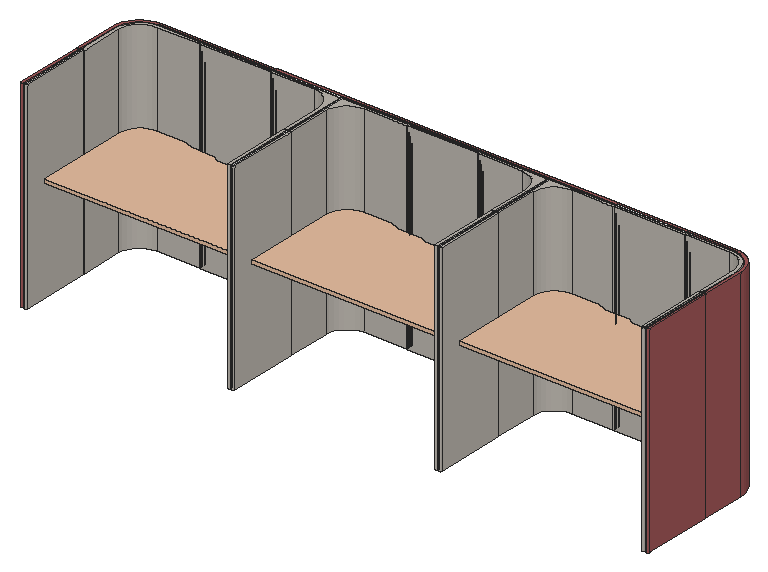
Revit family "NBS_Senator_MeetingPods_EnclaveThree", category Furniture, Revit 2018
Family settings
  Work Plane-Based = No
  Always vertical = Yes
  Cut with Voids When Loaded = No
  Shared = No
  Room Calculation Point = No
Parameters (values of type "PDEN314")
  WarrantyStartDate [instance] = "1900-12-31T23:59:59"
  WarrantyGuarantorParts = "contactus@thesenatorgroup.com"
  WarrantyGuarantorLabor = "n/a"
  WarrantyDurationUnit = "year"
  WarrantyDurationParts = "10"
  WarrantyDurationLabor = "n/a"
  WarrantyDescription = "Senator warrants that its manufactured products are free from manufacturing defects - in materials or workmanship - for a period of ten (10) years on Senator Seating ranges; and fifteen (15) years on Senator Desking ranges - exceptions are listed below. Senator will repair or replace (at Senator’s sole discretion) with comparable free of charge materials / components, any product / component, which fails under normal use in a single shift environment, as a result of a defect in the materials and / or workmanship"
  Version = "1"  # constant formula
  Uniclass2015Version = "Products v1.16"
  Uniclass2015Title = "Meeting Pods"
  Uniclass2015Code = "Pr_40_50_12_53"
  TagNumber [instance] = "n/a"
  SustainabilityPerformance = "99% recyclable"
  Style = "Pods"
  Status = "UNSET"
  Size = "1000 x 4400 x 1400 mm"
  Shape = "n/a"
  SerialNumber [instance] = "n/a"
  SeatWidth = "n/a"
  SeatDepth = "n/a"
  Revision = "n/a"
  ReplacementCost = "n/a"
  Reference = "n/a"
  ProductInformation = "http://www.thesenatorgroup.com/uk/senator/"
  NominalWidth = 4400 mm
  NominalLength = 4400 mm
  NominalHeight = 1400 mm
  NominalDepth = 1000 mm
  Name = "MeetingPods_EnclaveThree_PDEN314_Senator"
  NBSReference = "45-35-20/342"
  NBSDescription = "Meeting pods"
  NBSCertification = "www.nationalbimlibrary.com/cert/tsvceaqk"
  ModelReference = "Pods-EnclaveThree_PDEN314"
  ModelNumber = "n/a"
  Material = "Fabric, metal, plastic"
  ManufacturerURL = "www.senator.co.uk"
  ManufacturerName = "The Senator Group"  # constant formula
  Manufacturer = "sales@senator.co.uk"
  MainColor = "n/a"
  IsBuiltIn = no
  InstallationDate [instance] = "1900-12-31T23:59:59"
  IfcExportType = "USERDEFINED"  # constant formula
  IfcExportAs = "IfcFurnitureType"  # constant formula
  Grade = "n/a"
  FramesColour = "Black, white"
  FrameMaterial = NBS_Senator_Aluminium_Rigid_Siver
  InnerPanelMaterial = NBS_Senator_VirginWool_Fairfield
  OuterPanelMaterial = NBS_Senator_VirginWool_Wellington
  FinishOptions = "Carini walnut, mocha, autumn, strata oak, maple, highland oak, beech, winter oak, hacienda white, white, light grey, denim, clay, lemon sorbet"
  Finish = "Outer vertical panels upholstered in camira, blazer fabric Two tone is standard"
  Features = "Internal frame with multi-layered acoustic foam, levelling adjusters, blazer fabric, outer vertical panels"
  FabricFinishOptions = "Plymouth, fairfield, latymer, lancaster, silcoates, silverdale, st andrews, trevelyan, ulster, wellington, wesley, manchester,"
  ExpectedLife = "10"
  EnclaveThreeWidth = 4400 mm  # constant formula
  EnclaveThreeHeight = 1400 mm
  EnclaveThreeDepth = 1000 mm  # constant formula
  TableTopMaterial = NBS_Senator_Wood_HighlandOak_2
  DurationUnit = "year"
  Description = "Enclave Three - 1400mm high"
  Constituents = "n/a"
  Color = "n/a"
  CodePerformance = "n/a"
  Category = "Pr_40_50_12_53:Meeting pods"
  BarCode [instance] = "n/a"
  BIMObjectName = "NBS_Senator_MeetingPods_EnclaveThree_PDEN314"
  Author = "NBS"  # constant formula
  AssetType = "Fixed"
  AssetIdentifier [instance] = "n/a"
  Accessories = "Monitor arms, PU desk accessories, desk top accessories, CPU holders, electrical accessories, coat hanger, name plate, A2 dry wipe board with hanger, A3 dry wipe board with hanger"
  AccessibilityPerformance = "n/a"
Types (3, lengths in mm): name | Size | NominalHeight | Name | ModelReference | EnclaveThreeHeight | Description | BIMObjectName
  (no name) | "1000 x 4400 x 1400 mm" | 1400 | "MeetingPods_EnclaveThree_PDEN314_Senator" | "Pods-EnclaveThree_PDEN314" | 1400 | "Enclave Three - 1400mm high" | "NBS_Senator_MeetingPods_EnclaveThree_PDEN314"
  PDEN314 | "1000 x 4400 x 1400 mm" | 1400 | "MeetingPods_EnclaveThree_PDEN314_Senator" | "Pods-EnclaveThree_PDEN314" | 1400 | "Enclave Three - 1400mm high" | "NBS_Senator_MeetingPods_EnclaveThree_PDEN314"
  PDEN318 | "1000 x 4400 x 1800 mm" | 1800 | "MeetingPods_EnclaveThree_PDEN318_Senator" | "Pods-EnclaveThree_PDEN318" | 1800 | "Enclave Three - 1800mm high" | "NBS_Senator_MeetingPods_EnclaveThree_PDEN318"
Reference planes
  plane 1 "Center (Front/Back)": y = 0
  plane 2: z = 0
  plane 3 "Center (Left/Right)": x = 0
  plane 4 "Back": y = 500
  plane 5 "Front": y = -500
  plane 6 "Left": x = -2200
  plane 7 "Right": x = 2200
  plane 8 "Top": z = 1400
  plane 9: x = -2150
  plane 10: y = 450
  plane 11: x = 2150
  plane 12: x = 700
  plane 13: x = 750
  plane 14: x = -750
  plane 15: x = -700
  plane 16: y = 480
  plane 17: y = 470
  plane 18: x = -2180
  plane 19: x = -2170
  plane 20: x = -730
  plane 21: x = -720
  plane 22: x = 720
  plane 23: x = 730
  plane 24: x = 2170
  plane 25: x = 2180
  plane 26: z = 754.478
Forms (mm)
  Extrusion 1, solid, material "NBS_Senator_VirginWool_Wellington" <- "OuterPanelMaterial", detail levels fine
    sketch origin (0, 0, 0) x (1, 0, 0) y (0, 1, 0)
      loop
        arc (-2005, 500) -> (-2142.886, 442.886) -> (-2200, 305) r 195
        line (-2200, 305) -> (-2200, 4.072)
        arc (-2200, 4.072) -> (-2190, -1.038) -> (-2180, 4.072) r 12.339
        line (-2180, 4.072) -> (-2180, 305)
        arc (-2180, 305) -> (-2128.744, 428.744) -> (-2005, 480) r 175
        line (-2005, 480) -> (-1701.749, 480)
        arc (-1701.749, 480) -> (-1696.71, 490) -> (-1701.749, 500) r 12.442
        line (-1701.749, 500) -> (-2005, 500)
      loop
        arc (-2200, -489.655) -> (-2190, -499.655) -> (-2180, -489.655) r 10
        line (-2180, -489.655) -> (-2180, -6.928)
        arc (-2180, -6.928) -> (-2190, -1.817) -> (-2200, -6.928) r 12.339
        line (-2200, -6.928) -> (-2200, -489.655)
      loop
        arc (2200, 305) -> (2142.886, 442.886) -> (2005, 500) r 195
        line (2005, 500) -> (1701.749, 500)
        arc (1701.749, 500) -> (1696.742, 490) -> (1701.749, 480) r 12.489
        line (1701.749, 480) -> (2005, 480)
        arc (2005, 480) -> (2128.744, 428.744) -> (2180, 305) r 175
        line (2180, 305) -> (2180, 4.072)
        arc (2180, 4.072) -> (2190, -0.932) -> (2200, 4.072) r 12.493
        line (2200, 4.072) -> (2200, 305)
      loop
        line (-1690.749, 480) -> (-1204.45, 480)
        arc (-1204.45, 480) -> (-1199.402, 490) -> (-1204.45, 500) r 12.429
        line (-1204.45, 500) -> (-1690.749, 500)
        arc (-1690.749, 500) -> (-1695.878, 490) -> (-1690.749, 480) r 12.314
      loop
        line (-1193.449, 480) -> (-254.15, 480)
        arc (-254.15, 480) -> (-249.145, 490) -> (-254.15, 500) r 12.493
        line (-254.15, 500) -> (-1193.449, 500)
        arc (-1193.449, 500) -> (-1198.457, 490) -> (-1193.449, 480) r 12.488
      loop
        line (-243.15, 480) -> (243.15, 480)
        arc (243.15, 480) -> (248.202, 490) -> (243.15, 500) r 12.423
        line (243.15, 500) -> (-243.15, 500)
        arc (-243.15, 500) -> (-248.278, 490) -> (-243.15, 480) r 12.314
      loop
        arc (254.15, 500) -> (249.138, 490) -> (254.15, 480) r 12.483
        line (254.15, 480) -> (1193.45, 480)
        arc (1193.45, 480) -> (1198.471, 490) -> (1193.45, 500) r 12.468
        line (1193.45, 500) -> (254.15, 500)
      loop
        arc (1204.45, 500) -> (1199.432, 490) -> (1204.45, 480) r 12.474
        line (1204.45, 480) -> (1690.749, 480)
        arc (1690.749, 480) -> (1695.759, 490) -> (1690.749, 500) r 12.486
        line (1690.749, 500) -> (1204.45, 500)
      loop
        line (2180, -6.928) -> (2180, -490.438)
        arc (2180, -490.438) -> (2190, -500.438) -> (2200, -490.438) r 10
        line (2200, -490.438) -> (2200, -6.928)
        arc (2200, -6.928) -> (2190, -1.918) -> (2180, -6.928) r 12.485
    from 0 to 1400
  Extrusion 2, solid, material "NBS_Senator_Aluminium_Rigid_Siver" <- "FrameMaterial", detail levels fine
    sketch origin (0, 0, 0) x (1, 0, 0) y (0, 1, 0)
      loop
        line (-1721.822, 480) -> (-1721.822, 470) -> (-1204.835, 470)
        arc (-1204.835, 470) -> (-1199.835, 475) -> (-1204.835, 480) r 5
        line (-1204.835, 480) -> (-1721.822, 480)
      loop
        arc (-2180, -491.021) -> (-2175, -496.021) -> (-2170, -491.021) r 5
        line (-2170, -491.021) -> (-2170, 24.145) -> (-2180, 24.145) -> (-2180, -491.021)
      loop
        line (2180, 24.145) -> (2170, 24.145) -> (2170, -491.858)
        arc (2170, -491.858) -> (2175, -496.858) -> (2180, -491.858) r 5
        line (2180, -491.858) -> (2180, 24.145)
      loop
        line (-730, 470) -> (-730, 5.893)
        arc (-730, 5.893) -> (-725, 0.893) -> (-720, 5.893) r 5
        line (-720, 5.893) -> (-720, 470) -> (-254.253, 470)
        arc (-254.253, 470) -> (-249.253, 475) -> (-254.253, 480) r 5
        line (-254.253, 480) -> (-1193.367, 480)
        arc (-1193.367, 480) -> (-1198.367, 475) -> (-1193.367, 470) r 5
        line (-1193.367, 470) -> (-730, 470)
      loop
        line (-720, -490.446) -> (-720, -7.243)
        arc (-720, -7.243) -> (-725, -2.243) -> (-730, -7.243) r 5
        line (-730, -7.243) -> (-730, -490.446)
        arc (-730, -490.446) -> (-725, -495.446) -> (-720, -490.446) r 5
      loop
        line (720, 470) -> (720, 6.418)
        arc (720, 6.418) -> (725, 1.418) -> (730, 6.418) r 5
        line (730, 6.418) -> (730, 470) -> (1192.093, 470)
        arc (1192.093, 470) -> (1197.093, 475) -> (1192.093, 480) r 5
        line (1192.093, 480) -> (254.922, 480)
        arc (254.922, 480) -> (249.922, 475) -> (254.922, 470) r 5
        line (254.922, 470) -> (720, 470)
      loop
        line (730, -493.193) -> (730, -7.121)
        arc (730, -7.121) -> (725, -2.121) -> (720, -7.121) r 5
        line (720, -7.121) -> (720, -493.193)
        arc (720, -493.193) -> (725, -498.193) -> (730, -493.193) r 5
      loop
        arc (-242.942, 480) -> (-247.942, 475) -> (-242.942, 470) r 5
        line (-242.942, 470) -> (241.993, 470)
        arc (241.993, 470) -> (246.993, 475) -> (241.993, 480) r 5
        line (241.993, 480) -> (-242.942, 480)
      loop
        arc (1204.958, 480) -> (1199.958, 475) -> (1204.958, 470) r 5
        line (1204.958, 470) -> (1721.823, 470) -> (1721.823, 480) -> (1204.958, 480)
    from 0 to 1400
  Extrusion 3, solid, material "NBS_Senator_VirginWool_Fairfield" <- "InnerPanelMaterial", detail levels fine
    sketch origin (0, 0, 0) x (1, 0, 0) y (0, 1, 0)
      loop
        arc (-2005, 470) -> (-2121.673, 421.673) -> (-2170, 305) r 165
        line (-2170, 305) -> (-2170, 4.072)
        arc (-2170, 4.072) -> (-2160, -0.962) -> (-2150, 4.072) r 12.449
        line (-2150, 4.072) -> (-2150, 300)
        arc (-2150, 300) -> (-2106.066, 406.066) -> (-2000, 450) r 150
        line (-2000, 450) -> (-1701.749, 450)
        arc (-1701.749, 450) -> (-1696.702, 460) -> (-1701.749, 470) r 12.43
        line (-1701.749, 470) -> (-2005, 470)
      loop
        arc (-2170, -490.009) -> (-2160, -500.009) -> (-2150, -490.009) r 10
        line (-2150, -490.009) -> (-2150, -6.928)
        arc (-2150, -6.928) -> (-2160, -1.685) -> (-2170, -6.928) r 12.158
        line (-2170, -6.928) -> (-2170, -490.009)
      loop
        arc (2170, 305) -> (2121.673, 421.673) -> (2005, 470) r 165
        line (2005, 470) -> (1701.749, 470)
        arc (1701.749, 470) -> (1696.621, 460) -> (1701.749, 450) r 12.314
        line (1701.749, 450) -> (2000, 450)
        arc (2000, 450) -> (2106.066, 406.066) -> (2150, 300) r 150
        line (2150, 300) -> (2150, 4.072)
        arc (2150, 4.072) -> (2160, -1.032) -> (2170, 4.072) r 12.348
        line (2170, 4.072) -> (2170, 305)
      loop
        line (-750, 300) -> (-750, 5.412)
        arc (-750, 5.412) -> (-740, 0.392) -> (-730, 5.412) r 12.47
        line (-730, 5.412) -> (-730, 470) -> (-1193.449, 470)
        arc (-1193.449, 470) -> (-1198.469, 460) -> (-1193.449, 450) r 12.471
        line (-1193.449, 450) -> (-900, 450)
        arc (-900, 450) -> (-793.934, 406.066) -> (-750, 300) r 150
      loop
        line (-550, 450) -> (-254.15, 450)
        arc (-254.15, 450) -> (-249.149, 460) -> (-254.15, 470) r 12.499
        line (-254.15, 470) -> (-720, 470) -> (-720, 5.412)
        arc (-720, 5.412) -> (-710, 0.359) -> (-700, 5.412) r 12.421
        line (-700, 5.412) -> (-700, 300)
        arc (-700, 300) -> (-656.066, 406.066) -> (-550, 450) r 150
      loop
        line (-700, -490.112) -> (-700, -6.975)
        arc (-700, -6.975) -> (-710, -1.921) -> (-720, -6.975) r 12.421
        line (-720, -6.975) -> (-720, -490.112)
        arc (-720, -490.112) -> (-710, -500.112) -> (-700, -490.112) r 10
      loop
        line (700, 300) -> (700, 5.412)
        arc (700, 5.412) -> (710, 0.359) -> (720, 5.412) r 12.421
        line (720, 5.412) -> (720, 470) -> (254.15, 470)
        arc (254.15, 470) -> (248.952, 460) -> (254.15, 450) r 12.219
        line (254.15, 450) -> (550, 450)
        arc (550, 450) -> (656.066, 406.066) -> (700, 300) r 150
      loop
        line (900, 450) -> (1193.45, 450)
        arc (1193.45, 450) -> (1198.578, 460) -> (1193.45, 470) r 12.314
        line (1193.45, 470) -> (730, 470) -> (730, 5.412)
        arc (730, 5.412) -> (740, 0.403) -> (750, 5.412) r 12.487
        line (750, 5.412) -> (750, 300)
        arc (750, 300) -> (793.934, 406.066) -> (900, 450) r 150
      loop
        line (750, -490.081) -> (750, -6.942)
        arc (750, -6.942) -> (740, -1.903) -> (730, -6.942) r 12.443
        line (730, -6.942) -> (730, -490.081)
        arc (730, -490.081) -> (740, -500.081) -> (750, -490.081) r 10
      loop
        line (-1690.749, 450) -> (-1204.45, 450)
        arc (-1204.45, 450) -> (-1199.44, 460) -> (-1204.45, 470) r 12.485
        line (-1204.45, 470) -> (-1690.749, 470)
        arc (-1690.749, 470) -> (-1695.878, 460) -> (-1690.749, 450) r 12.314
      loop
        arc (-730, -6.975) -> (-740, -1.954) -> (-750, -6.975) r 12.47
        line (-750, -6.975) -> (-750, -489.995)
        arc (-750, -489.995) -> (-740, -499.995) -> (-730, -489.995) r 10
        line (-730, -489.995) -> (-730, -6.975)
      loop
        line (-243.15, 450) -> (243.15, 450)
        arc (243.15, 450) -> (248.278, 460) -> (243.15, 470) r 12.314
        line (243.15, 470) -> (-243.15, 470)
        arc (-243.15, 470) -> (-248.153, 460) -> (-243.15, 450) r 12.496
      loop
        line (700, -6.928) -> (700, -489.96)
        arc (700, -489.96) -> (710, -499.96) -> (720, -489.96) r 10
        line (720, -489.96) -> (720, -6.928)
        arc (720, -6.928) -> (710, -1.928) -> (700, -6.928) r 12.5
      loop
        line (1204.45, 450) -> (1690.749, 450)
        arc (1690.749, 450) -> (1695.878, 460) -> (1690.749, 470) r 12.314
        line (1690.749, 470) -> (1204.45, 470)
        arc (1204.45, 470) -> (1199.415, 460) -> (1204.45, 450) r 12.447
      loop
        line (2150, -6.928) -> (2150, -490.07)
        arc (2150, -490.07) -> (2160, -500.07) -> (2170, -490.07) r 10
        line (2170, -490.07) -> (2170, -6.928)
        arc (2170, -6.928) -> (2160, -1.905) -> (2150, -6.928) r 12.467
    from 0 to 1400
  Extrusion 4, solid, material "NBS_Senator_VirginWool_Wellington" <- "OuterPanelMaterial", detail levels coarse+medium
    sketch origin (0, 0, 0) x (1, 0, 0) y (0, 1, 0)
      loop
        arc (-2007.5, 502.5) -> (-2145.386, 445.386) -> (-2202.5, 307.5) r 195
        line (-2202.5, 307.5) -> (-2202.5, -481.582)
        arc (-2202.5, -481.582) -> (-2175, -509.082) -> (-2147.5, -481.582) r 27.5
        line (-2147.5, -481.582) -> (-2147.5, 297.5)
        arc (-2147.5, 297.5) -> (-2103.566, 403.566) -> (-1997.5, 447.5) r 150
        line (-1997.5, 447.5) -> (-897.5, 447.5)
        arc (-897.5, 447.5) -> (-794.97, 405.03) -> (-752.5, 302.5) r 145
        line (-752.5, 302.5) -> (-752.5, -484.214)
        arc (-752.5, -484.214) -> (-725, -511.714) -> (-697.5, -484.214) r 27.5
        line (-697.5, -484.214) -> (-697.5, 297.5)
        arc (-697.5, 297.5) -> (-653.566, 403.566) -> (-547.5, 447.5) r 150
        line (-547.5, 447.5) -> (550.762, 447.5)
        arc (550.762, 447.5) -> (654.521, 404.521) -> (697.5, 300.762) r 146.738
        line (697.5, 300.762) -> (697.5, -484.278)
        arc (697.5, -484.278) -> (725, -511.778) -> (752.5, -484.278) r 27.5
        line (752.5, -484.278) -> (752.5, 297.5)
        arc (752.5, 297.5) -> (796.434, 403.566) -> (902.5, 447.5) r 150
        line (902.5, 447.5) -> (2000.627, 447.5)
        arc (2000.627, 447.5) -> (2104.482, 404.482) -> (2147.5, 300.627) r 146.873
        line (2147.5, 300.627) -> (2147.5, -483.711)
        arc (2147.5, -483.711) -> (2175, -511.211) -> (2202.5, -483.711) r 27.5
        line (2202.5, -483.711) -> (2202.5, 307.5)
        arc (2202.5, 307.5) -> (2145.386, 445.386) -> (2007.5, 502.5) r 195
        line (2007.5, 502.5) -> (-2007.5, 502.5)
    from 0 to 1400
Dimensions and locks
  equal spacing: plane 4 "Back", plane 1 "Center (Front/Back)", plane 5 "Front"
  "EnclaveThreeDepth": plane 4 "Back" to plane 5 "Front"
  equal spacing: plane 6 "Left", plane 3 "Center (Left/Right)", plane 7 "Right"
  "EnclaveThreeWidth": plane 6 "Left" to plane 7 "Right"
  "EnclaveThreeHeight": plane 8 "Top" to plane 2
  locked: plane 6 "Left" to plane 9 at 50
  locked: plane 4 "Back" to plane 10 at 50
  locked: plane 11 to plane 7 "Right" at 50
  locked: plane 14 to plane 15 at 50
  locked: plane 12 to plane 13 at 50
  locked: plane 19 to plane 9 at 20
  locked: plane 6 "Left" to plane 18 at 20
  locked: plane 4 "Back" to plane 16 at 20
  locked: plane 17 to plane 10 at 20
  locked: plane 21 to plane 15 at 20
  locked: plane 14 to plane 20 at 20
  locked: plane 12 to plane 22 at 20
  locked: plane 23 to plane 13 at 20
  locked: plane 11 to plane 24 at 20
  locked: plane 25 to plane 7 "Right" at 20
  aligned and locked: level to plane 2
  aligned and locked: Extrusion 1 sketch curve to plane 4 "Back"
  aligned and locked: plane 6 "Left" to Extrusion 1 sketch curve
  aligned and locked: plane 7 "Right" to Extrusion 1 sketch curve
  aligned and locked: plane 18 to Extrusion 1 sketch curve
  aligned and locked: Extrusion 1 sketch curve to plane 16
  aligned and locked: Extrusion 1 sketch curve to plane 25
  aligned and locked: Extrusion 1 to plane 8 "Top"
  aligned and locked: plane 18 to Extrusion 2 sketch curve
  aligned and locked: plane 19 to Extrusion 2 sketch curve
  aligned and locked: Extrusion 2 sketch curve to plane 16
  aligned and locked: Extrusion 2 sketch curve to plane 17  (x3)
  aligned and locked: Extrusion 2 sketch curve to plane 20
  aligned and locked: plane 21 to Extrusion 2 sketch curve
  aligned and locked: Extrusion 2 sketch curve to plane 22
  aligned and locked: plane 23 to Extrusion 2 sketch curve
  aligned and locked: Extrusion 2 sketch curve to plane 24
  aligned and locked: Extrusion 2 sketch curve to plane 25
  aligned and locked: Extrusion 2 to plane 8 "Top"
  aligned and locked: plane 19 to Extrusion 3 sketch curve
  aligned and locked: Extrusion 3 sketch curve to plane 17
  aligned and locked: plane 9 to Extrusion 3 sketch curve
  aligned and locked: Extrusion 3 sketch curve to plane 10  (x3)
  aligned and locked: Extrusion 3 sketch curve to plane 14
  aligned and locked: plane 15 to Extrusion 3 sketch curve
  aligned and locked: Extrusion 3 sketch curve to plane 12
  aligned and locked: plane 13 to Extrusion 3 sketch curve
  aligned and locked: Extrusion 3 sketch curve to plane 24
  aligned and locked: Extrusion 3 sketch curve to plane 11
  aligned and locked: Extrusion 3 sketch curve to plane 20
  aligned and locked: Extrusion 3 sketch curve to plane 21
  aligned and locked: Extrusion 3 sketch curve to plane 22
  aligned and locked: Extrusion 3 sketch curve to plane 23
  aligned and locked: Extrusion 3 to plane 8 "Top"
  aligned and locked: plane 10 to nested 1
  aligned and locked: plane 10 to nested 2
  aligned and locked: plane 10 to nested 3
  aligned and locked: nested 1 to plane 26
  aligned and locked: nested 2 to plane 26
  aligned and locked: nested 3 to plane 26
  aligned and locked: Extrusion 4 to plane 8 "Top"
Automatic sketch dimensions
  Extrusion 1 sketch curve to Extrusion 1 sketch curve = 0 mm  (x4)
  Extrusion 1 sketch curve to plane 6 "Left" = 0 mm
  Extrusion 1 sketch curve to plane 4 "Back" = 0 mm  (x6)
  Extrusion 1 sketch curve to plane 16 = 0 mm  (x5)
  Extrusion 1 sketch curve to plane 1 "Center (Front/Back)" = 4.072 mm  (x3)
  plane 6 "Left" to Extrusion 1 sketch curve = 10 mm  (x2)
  plane 9 to Extrusion 1 sketch curve = 145 mm
  Extrusion 1 sketch curve to plane 4 "Back" = 10 mm  (x6)
  Extrusion 1 sketch curve to Extrusion 1 sketch curve = 295.848 mm
  Extrusion 1 sketch curve to Extrusion 1 sketch curve = 7.403 mm
  Extrusion 1 sketch curve to Extrusion 1 sketch curve = 11 mm  (x12)
  Extrusion 1 sketch curve to Extrusion 1 sketch curve = 7.186 mm
  Extrusion 1 sketch curve to plane 14 = 461.831 mm
  Extrusion 1 sketch curve to Extrusion 1 sketch curve = 7.381 mm
  Extrusion 1 sketch curve to Extrusion 1 sketch curve = 7.48 mm
  Extrusion 1 sketch curve to plane 3 "Center (Left/Right)" = 261.638 mm
  Extrusion 1 sketch curve to Extrusion 1 sketch curve = 7.488 mm
  Extrusion 1 sketch curve to Extrusion 1 sketch curve = 7.185 mm
  plane 3 "Center (Left/Right)" to Extrusion 1 sketch curve = 235.779 mm
  Extrusion 1 sketch curve to Extrusion 1 sketch curve = 7.371 mm
  Extrusion 1 sketch curve to Extrusion 1 sketch curve = 7.471 mm
  plane 13 to Extrusion 1 sketch curve = 436.004 mm
  Extrusion 1 sketch curve to Extrusion 1 sketch curve = 7.446 mm
  Extrusion 1 sketch curve to Extrusion 1 sketch curve = 7.456 mm
  Extrusion 1 sketch curve to plane 11 = 466.727 mm
  Extrusion 1 sketch curve to Extrusion 1 sketch curve = 7.476 mm
  Extrusion 1 sketch curve to Extrusion 1 sketch curve = 7.482 mm
  Extrusion 1 sketch curve to plane 11 = 145 mm
  plane 1 "Center (Front/Back)" to Extrusion 1 sketch curve = 6.928 mm  (x3)
  Extrusion 1 sketch curve to Extrusion 1 sketch curve = 7.228 mm
  plane 1 "Center (Front/Back)" to Extrusion 1 sketch curve = 14.403 mm
  plane 5 "Front" to Extrusion 1 sketch curve = 10.345 mm
  plane 5 "Front" to Extrusion 1 sketch curve = 9.562 mm
  Extrusion 1 sketch curve to plane 1 "Center (Front/Back)" = 11.301 mm
  Extrusion 1 sketch curve to plane 1 "Center (Front/Back)" = 11.561 mm
  Extrusion 1 sketch curve to plane 25 = 0 mm
  Extrusion 1 sketch curve to plane 7 "Right" = 0 mm
  Extrusion 2 sketch curve to plane 17 = 0 mm  (x4)
  Extrusion 2 sketch curve to plane 16 = 0 mm  (x4)
  Extrusion 2 sketch curve to plane 20 = 0 mm
  Extrusion 2 sketch curve to plane 21 = 0 mm
  Extrusion 2 sketch curve to plane 22 = 0 mm
  Extrusion 2 sketch curve to plane 23 = 0 mm
  plane 9 to Extrusion 2 sketch curve = 428.178 mm
  Extrusion 2 sketch curve to plane 14 = 454.835 mm
  Extrusion 2 sketch curve to Extrusion 2 sketch curve = 11.469 mm
  Extrusion 2 sketch curve to plane 3 "Center (Left/Right)" = 254.253 mm
  Extrusion 2 sketch curve to Extrusion 2 sketch curve = 11.311 mm
  plane 3 "Center (Left/Right)" to Extrusion 2 sketch curve = 241.993 mm
  Extrusion 2 sketch curve to Extrusion 2 sketch curve = 12.928 mm
  plane 13 to Extrusion 2 sketch curve = 442.093 mm
  Extrusion 2 sketch curve to Extrusion 2 sketch curve = 12.865 mm
  Extrusion 2 sketch curve to plane 11 = 428.177 mm
  Extrusion 2 sketch curve to plane 1 "Center (Front/Back)" = 24.145 mm  (x2)
  Extrusion 2 sketch curve to plane 1 "Center (Front/Back)" = 6.418 mm
  Extrusion 2 sketch curve to plane 1 "Center (Front/Back)" = 5.893 mm
  plane 1 "Center (Front/Back)" to Extrusion 2 sketch curve = 7.121 mm
  plane 1 "Center (Front/Back)" to Extrusion 2 sketch curve = 7.243 mm
  plane 5 "Front" to Extrusion 2 sketch curve = 9.554 mm
  plane 5 "Front" to Extrusion 2 sketch curve = 8.979 mm
  plane 5 "Front" to Extrusion 2 sketch curve = 8.142 mm
  plane 5 "Front" to Extrusion 2 sketch curve = 6.807 mm
  Extrusion 3 sketch curve to plane 19 = 0 mm
  Extrusion 3 sketch curve to plane 9 = 0 mm
  Extrusion 3 sketch curve to plane 17 = 0 mm  (x8)
  Extrusion 3 sketch curve to plane 10 = 0 mm  (x6)
  Extrusion 3 sketch curve to plane 14 = 0 mm
  Extrusion 3 sketch curve to plane 20 = 0 mm
  Extrusion 3 sketch curve to plane 21 = 0 mm
  Extrusion 3 sketch curve to plane 15 = 0 mm
  Extrusion 3 sketch curve to plane 12 = 0 mm
  Extrusion 3 sketch curve to plane 22 = 0 mm
  Extrusion 3 sketch curve to plane 23 = 0 mm
  Extrusion 3 sketch curve to plane 13 = 0 mm
  Extrusion 3 sketch curve to plane 11 = 0 mm
  Extrusion 3 sketch curve to plane 24 = 0 mm
  Extrusion 3 sketch curve to plane 9 = 10 mm  (x2)
  plane 9 to Extrusion 3 sketch curve = 145 mm
  Extrusion 3 sketch curve to Extrusion 3 sketch curve = 5 mm  (x2)
  plane 10 to Extrusion 3 sketch curve = 10 mm  (x6)
  Extrusion 3 sketch curve to Extrusion 3 sketch curve = 290.867 mm
  Extrusion 3 sketch curve to Extrusion 3 sketch curve = 7.383 mm
  Extrusion 3 sketch curve to Extrusion 3 sketch curve = 11 mm  (x12)
  Extrusion 3 sketch curve to Extrusion 3 sketch curve = 7.186 mm  (x4)
  Extrusion 3 sketch curve to plane 14 = 461.925 mm
  Extrusion 3 sketch curve to Extrusion 3 sketch curve = 7.475 mm
  Extrusion 3 sketch curve to Extrusion 3 sketch curve = 7.451 mm
  Extrusion 3 sketch curve to plane 10 = 150 mm  (x2)
  plane 14 to Extrusion 3 sketch curve = 10 mm  (x2)
  Extrusion 3 sketch curve to plane 15 = 10 mm  (x2)
  plane 15 to Extrusion 3 sketch curve = 150 mm
  Extrusion 3 sketch curve to plane 3 "Center (Left/Right)" = 261.648 mm
  Extrusion 3 sketch curve to Extrusion 3 sketch curve = 7.498 mm
  Extrusion 3 sketch curve to Extrusion 3 sketch curve = 7.493 mm
  plane 3 "Center (Left/Right)" to Extrusion 3 sketch curve = 235.965 mm
  Extrusion 3 sketch curve to Extrusion 3 sketch curve = 7.185 mm
  Extrusion 3 sketch curve to Extrusion 3 sketch curve = 7.021 mm
  plane 12 to Extrusion 3 sketch curve = 10 mm  (x2)
  Extrusion 3 sketch curve to plane 13 = 10 mm  (x2)
  plane 13 to Extrusion 3 sketch curve = 150 mm
  Extrusion 3 sketch curve to Extrusion 3 sketch curve = 286.264 mm
  Extrusion 3 sketch curve to Extrusion 3 sketch curve = 7.412 mm
  Extrusion 3 sketch curve to plane 11 = 466.436 mm
  Extrusion 3 sketch curve to plane 11 = 150 mm
  plane 11 to Extrusion 3 sketch curve = 10 mm  (x2)
  Extrusion 3 sketch curve to plane 1 "Center (Front/Back)" = 12.891 mm
  Extrusion 3 sketch curve to plane 1 "Center (Front/Back)" = 12.861 mm
  Extrusion 3 sketch curve to plane 1 "Center (Front/Back)" = 12.78 mm  (x2)
  Extrusion 3 sketch curve to plane 1 "Center (Front/Back)" = 11.487 mm
  Extrusion 3 sketch curve to plane 1 "Center (Front/Back)" = 11.316 mm
  Extrusion 3 sketch curve to plane 1 "Center (Front/Back)" = 5.412 mm  (x4)
  Extrusion 3 sketch curve to plane 1 "Center (Front/Back)" = 4.072 mm  (x2)
  plane 1 "Center (Front/Back)" to Extrusion 3 sketch curve = 6.928 mm  (x3)
  plane 1 "Center (Front/Back)" to Extrusion 3 sketch curve = 6.942 mm
  plane 1 "Center (Front/Back)" to Extrusion 3 sketch curve = 6.975 mm  (x2)
  Extrusion 3 sketch curve to Extrusion 3 sketch curve = 6.915 mm
  Extrusion 3 sketch curve to Extrusion 3 sketch curve = 7.368 mm
  Extrusion 3 sketch curve to Extrusion 3 sketch curve = 7.405 mm
  Extrusion 3 sketch curve to Extrusion 3 sketch curve = 7.445 mm
  Extrusion 3 sketch curve to Extrusion 3 sketch curve = 7.449 mm
  Extrusion 3 sketch curve to Extrusion 3 sketch curve = 7.5 mm
  plane 5 "Front" to Extrusion 3 sketch curve = 10.04 mm
  plane 5 "Front" to Extrusion 3 sketch curve = 10.005 mm
  plane 5 "Front" to Extrusion 3 sketch curve = 9.991 mm
  plane 5 "Front" to Extrusion 3 sketch curve = 9.93 mm
  plane 5 "Front" to Extrusion 3 sketch curve = 9.919 mm
  plane 5 "Front" to Extrusion 3 sketch curve = 9.888 mm
  Extrusion 4 sketch curve to plane 6 "Left" = 2.5 mm
  plane 18 to Extrusion 4 sketch curve = 5 mm
  Extrusion 4 sketch curve to Extrusion 4 sketch curve = 140 mm
  Extrusion 4 sketch curve to Extrusion 4 sketch curve = 10 mm  (x2)
  Extrusion 4 sketch curve to plane 14 = 147.5 mm
  Extrusion 4 sketch curve to plane 14 = 2.5 mm
  plane 20 to Extrusion 4 sketch curve = 5 mm
  Extrusion 4 sketch curve to Extrusion 4 sketch curve = 150 mm
  Extrusion 4 sketch curve to plane 10 = 2.5 mm  (x2)
  Extrusion 4 sketch curve to plane 12 = 149.238 mm
  Extrusion 4 sketch curve to plane 12 = 2.5 mm
  plane 22 to Extrusion 4 sketch curve = 5 mm
  plane 13 to Extrusion 4 sketch curve = 152.5 mm
  Extrusion 4 sketch curve to plane 11 = 149.373 mm
  Extrusion 4 sketch curve to Extrusion 4 sketch curve = 6.873 mm
  Extrusion 4 sketch curve to plane 11 = 2.5 mm
  plane 24 to Extrusion 4 sketch curve = 5 mm
  plane 5 "Front" to Extrusion 4 sketch curve = 18.418 mm
  plane 5 "Front" to Extrusion 4 sketch curve = 16.289 mm
  plane 5 "Front" to Extrusion 4 sketch curve = 15.786 mm
  plane 5 "Front" to Extrusion 4 sketch curve = 15.722 mm
  Extrusion 4 sketch curve to plane 10 = 152.5 mm
Nested families
  nested 1: "NBS_Senator_Desk_PDBDA14" at (-1449.875, 50, 729.478), type "NBS_Senator_Desk_PDBDA14"
  nested 2: "NBS_Senator_Desk_PDBDA14" at (-0.187, 50, 729.478), type "NBS_Senator_Desk_PDBDA14"
  nested 3: "NBS_Senator_Desk_PDBDA14" at (1450.125, 50, 729.478), type "NBS_Senator_Desk_PDBDA14"
Definition of nested family "NBS_Senator_Desk_PDBDA14"
  Parameters (values of type "NBS_Senator_Desk_PDBDA14")
    DeskWidth = 1394 mm
    DeskThickness = 25 mm
    DeskMaterial = none
    DeskDepth = 800 mm
  Reference planes
    plane 1 "Back": y = 0
    plane 2 "Bottom": z = 0
    plane 3 "Center (Left/Right)": x = 0
    plane 4 "Left": x = -697
    plane 5 "Right": x = 697
    plane 6 "Front": y = -400
    plane 7 "Top": z = 25
    plane 8: y = 400
  Forms (mm)
    Extrusion 1, solid, material <- "DeskMaterial", detail levels medium+fine
      sketch origin (0, 400, 0) x (1, 0, 0) y (0, 1, 0)
        loop
          arc (-547, 0) -> (-653.066, -43.934) -> (-697, -150) r 150
          line (-697, -150) -> (-697, -800) -> (697, -800) -> (697, -150)
          arc (697, -150) -> (653.066, -43.934) -> (547, 0) r 150
          line (547, 0) -> (369.041, 0) -> (289.799, -29.69) -> (126.526, -29.69) -> (84.186, -54.135) -> (-84.186, -54.135) -> (-126.526, -29.69) -> (-289.799, -29.69) -> (-369.041, 0) -> (-547, 0)
      from 0 to 25
    Extrusion 2, solid, material <- "DeskMaterial", detail levels coarse
      sketch origin (0, 0, 0) x (1, 0, 0) y (0, 1, 0)
        loop
          arc (-549, 400) -> (-653.652, 356.652) -> (-697, 252) r 148
          line (-697, 252) -> (-697, -400) -> (697, -400) -> (697, 257.372)
          arc (697, 257.372) -> (655.225, 358.225) -> (554.372, 400) r 142.628
          line (554.372, 400) -> (-549, 400)
      from 0 to 25
  Dimensions and locks
    equal spacing: plane 4 "Left", plane 3 "Center (Left/Right)", plane 5 "Right"
    "DeskWidth": plane 4 "Left" to plane 5 "Right"
    Extrusion 1 sketch curve to Extrusion 1 sketch curve to Extrusion 1 sketch curve to plane 3 "Center (Left/Right)" to Extrusion 1 sketch curve to Extrusion 1 sketch curve to Extrusion 1 sketch curve = 79.242 mm locked, 163.273 mm locked, 126.526 mm locked, 126.526 mm locked, 163.273 mm locked, 79.242 mm locked
    "DeskThickness": plane 7 "Top" to level
    equal spacing: plane 8, plane 1 "Back", plane 6 "Front"
    "DeskDepth": plane 8 to plane 6 "Front"
    aligned and locked: level to plane 2 "Bottom"
    aligned and locked: plane 4 "Left" to Extrusion 1 sketch curve
    aligned and locked: Extrusion 1 sketch curve to plane 5 "Right"
    aligned and locked: Extrusion 1 to plane 2 "Bottom"
    aligned and locked: plane 7 "Top" to Extrusion 1
    aligned and locked: Extrusion 1 to plane 6 "Front"
    aligned and locked: Extrusion 1 to plane 4 "Left"
    aligned and locked: plane 5 "Right" to Extrusion 1
    aligned and locked: plane 8 to Extrusion 1  (x2)
    aligned and locked: Extrusion 2 sketch curve to plane 8
    aligned and locked: plane 4 "Left" to Extrusion 2 sketch curve
    aligned and locked: plane 6 "Front" to Extrusion 2 sketch curve
    aligned and locked: Extrusion 2 sketch curve to plane 5 "Right"
    aligned and locked: plane 7 "Top" to Extrusion 2
  Automatic sketch dimensions
    plane 4 "Left" to Extrusion 1 sketch curve = 150 mm
    Extrusion 1 sketch curve to plane 1 "Back" = 250 mm  (x2)
    Extrusion 1 sketch curve to plane 1 "Back" = 370.31 mm  (x2)
    Extrusion 1 sketch curve to Extrusion 1 sketch curve = 42.34 mm  (x2)
    Extrusion 1 sketch curve to plane 1 "Back" = 400 mm
    Extrusion 1 sketch curve to Extrusion 1 sketch curve = 24.445 mm
    plane 1 "Back" to Extrusion 1 sketch curve = 400 mm
    Extrusion 2 sketch curve to Extrusion 2 sketch curve = 148 mm
    Extrusion 2 sketch curve to plane 5 "Right" = 142.628 mm
